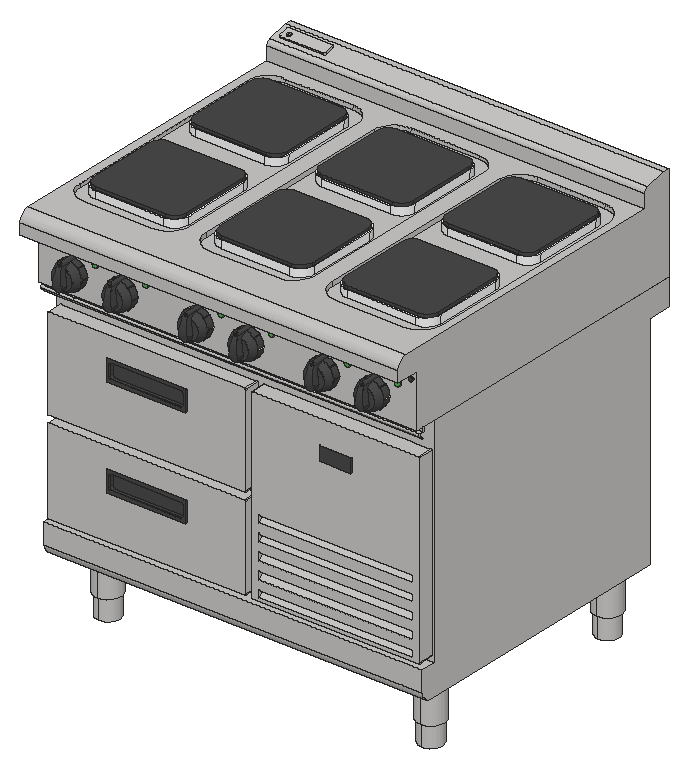
Revit family "QF_Moffat_RNL8600SE-RB_Electrical_Cooktop_Sealed_Hobs_cat", category Specialty Equipment, Revit 2019 (continued)
Definition of nested family "QF_LOGO_Waldorf"
  Lines and regions (mm)
    Split face 1
      outline origin (0, -26.629, 22.888) x (1, 0, 0) y (0, 0.965926, 0.258819)
        loop
          spline (22.129, 16.975) -> (22.389, 15.984) -> (22.649, 15.002) -> (22.91, 14.028) -> (23.172, 13.065) -> (23.433, 12.11) -> (23.695, 11.166) -> (23.956, 10.232) -> (24.218, 9.308) -> (24.479, 8.396) -> (24.74, 7.495) -> (25, 6.605) -> (25.26, 5.728)
          line (25.26, 5.728) -> (29.463, 5.728)
          spline (29.463, 5.728) -> (29.582, 6.252) -> (29.701, 6.78) -> (29.82, 7.313) -> (29.939, 7.85) -> (30.058, 8.391) -> (30.178, 8.936) -> (30.297, 9.485) -> (30.416, 10.038) -> (30.536, 10.594) -> (30.655, 11.155) -> (30.775, 11.719) -> (30.894, 12.287)
          spline (30.894, 12.287) -> (31.018, 11.719) -> (31.142, 11.155) -> (31.266, 10.594) -> (31.39, 10.038) -> (31.514, 9.485) -> (31.638, 8.936) -> (31.762, 8.391) -> (31.885, 7.85) -> (32.009, 7.313) -> (32.133, 6.78) -> (32.256, 6.252) -> (32.379, 5.728)
          line (32.379, 5.728) -> (36.51, 5.728)
          spline (36.51, 5.728) -> (36.766, 6.605) -> (37.023, 7.495) -> (37.28, 8.396) -> (37.538, 9.308) -> (37.795, 10.232) -> (38.053, 11.166) -> (38.311, 12.11) -> (38.569, 13.065) -> (38.826, 14.028) -> (39.083, 15.002) -> (39.34, 15.984) -> (39.597, 16.975)
          line (39.597, 16.975) -> (35.637, 16.975)
          spline (35.637, 16.975) -> (35.523, 16.334) -> (35.41, 15.697) -> (35.296, 15.063) -> (35.182, 14.433) -> (35.068, 13.807) -> (34.954, 13.185) -> (34.84, 12.566) -> (34.726, 11.952) -> (34.612, 11.342) -> (34.497, 10.737) -> (34.383, 10.135) -> (34.269, 9.538)
          spline (34.269, 9.538) -> (34.138, 10.135) -> (34.008, 10.737) -> (33.877, 11.342) -> (33.746, 11.952) -> (33.616, 12.566) -> (33.485, 13.185) -> (33.354, 13.807) -> (33.224, 14.433) -> (33.093, 15.063) -> (32.963, 15.697) -> (32.833, 16.334) -> (32.703, 16.975)
          line (32.703, 16.975) -> (29.247, 16.975)
          spline (29.247, 16.975) -> (29.111, 16.334) -> (28.974, 15.697) -> (28.837, 15.063) -> (28.7, 14.433) -> (28.562, 13.807) -> (28.425, 13.185) -> (28.288, 12.566) -> (28.15, 11.952) -> (28.013, 11.342) -> (27.875, 10.737) -> (27.738, 10.135) -> (27.6, 9.538)
          spline (27.6, 9.538) -> (27.483, 10.135) -> (27.366, 10.737) -> (27.249, 11.342) -> (27.132, 11.952) -> (27.015, 12.566) -> (26.897, 13.185) -> (26.78, 13.807) -> (26.663, 14.433) -> (26.546, 15.063) -> (26.43, 15.697) -> (26.313, 16.334) -> (26.196, 16.975)
          line (26.196, 16.975) -> (22.129, 16.975)
    Split face 2
      outline origin (0, -26.629, 22.888) x (1, 0, 0) y (0, 0.965926, 0.258819)
        loop
          line (51.449, 5.728) -> (51.035, 6.606) -> (51.035, 11.169)
          spline (51.035, 11.169) -> (50.686, 12.42) -> (50.176, 13.224) -> (49.51, 13.708) -> (48.693, 13.995) -> (47.747, 14.152) -> (46.698, 14.207) -> (45.579, 14.186) -> (44.419, 14.114) -> (43.279, 13.929) -> (42.249, 13.481) -> (41.424, 12.614) -> (40.897, 11.169)
          line (40.897, 11.169) -> (44.617, 11.169) -> (44.988, 11.965)
          spline (44.988, 11.965) -> (47.294, 11.682) -> (46.856, 10.932) -> (45.527, 10.609) -> (43.858, 10.439) -> (42.259, 10.123) -> (41.078, 9.417) -> (40.563, 8.246) -> (40.689, 6.989) -> (41.407, 6.052) -> (42.774, 5.536) -> (44.847, 5.497) -> (47.306, 6.602)
          line (47.306, 6.602) -> (47.624, 5.728) -> (51.449, 5.728)
    Split face 3
      outline origin (0, -26.629, 22.888) x (1, 0, 0) y (0, 0.965926, 0.258819)
        loop
          line (47.264, 9.264) -> (44.938, 8.597)
          spline (44.938, 8.597) -> (44.508, 8.228) -> (44.402, 7.9) -> (44.548, 7.626) -> (44.877, 7.42) -> (45.317, 7.295) -> (45.797, 7.265) -> (46.252, 7.342) -> (46.65, 7.525) -> (46.971, 7.813) -> (47.194, 8.201) -> (47.298, 8.685) -> (47.264, 9.264)
    Split face 4
      outline origin (0, -26.629, 22.888) x (1, 0, 0) y (0, 0.965926, 0.258819)
        loop
          line (53.33, 16.975) -> (53.33, 5.728) -> (57.173, 5.728) -> (57.173, 16.975) -> (53.33, 16.975)
    Split face 5
      outline origin (0, -26.629, 22.888) x (1, 0, 0) y (0, 0.965926, 0.258819)
        loop
          line (65.795, 16.975) -> (65.795, 12.976)
          spline (65.795, 12.976) -> (63.839, 14.082) -> (62.087, 14.096) -> (60.633, 13.343) -> (59.574, 12.148) -> (58.99, 10.806) -> (58.867, 9.452) -> (59.156, 8.159) -> (59.81, 7) -> (60.786, 6.056) -> (62.111, 5.514) -> (63.868, 5.634) -> (66.137, 6.679)
          line (66.137, 6.679) -> (66.137, 5.728) -> (69.511, 5.728) -> (69.511, 16.975) -> (65.795, 16.975)
    Split face 6
      outline origin (0, -26.629, 22.888) x (1, 0, 0) y (0, 0.965926, 0.258819)
        loop
          spline (64.273, 7.499) -> (64.754, 7.57) -> (65.202, 7.777) -> (65.587, 8.106) -> (65.882, 8.535) -> (66.067, 9.034) -> (66.131, 9.57) -> (66.067, 10.106) -> (65.882, 10.605) -> (65.587, 11.034) -> (65.202, 11.363) -> (64.754, 11.57) -> (64.273, 11.64)
          spline (64.273, 11.64) -> (63.793, 11.57) -> (63.345, 11.363) -> (62.96, 11.034) -> (62.665, 10.605) -> (62.479, 10.106) -> (62.416, 9.57) -> (62.479, 9.034) -> (62.665, 8.535) -> (62.96, 8.106) -> (63.345, 7.777) -> (63.793, 7.57) -> (64.273, 7.499)
    Split face 7
      outline origin (0, -26.629, 22.888) x (1, 0, 0) y (0, 0.965926, 0.258819)
        loop
          spline (76.449, 5.305) -> (77.855, 5.457) -> (79.166, 5.901) -> (80.291, 6.607) -> (81.155, 7.527) -> (81.698, 8.599) -> (81.883, 9.749) -> (81.698, 10.899) -> (81.155, 11.97) -> (80.291, 12.891) -> (79.166, 13.597) -> (77.855, 14.041) -> (76.449, 14.192)
          spline (76.449, 14.192) -> (75.042, 14.041) -> (73.731, 13.597) -> (72.606, 12.891) -> (71.742, 11.97) -> (71.199, 10.899) -> (71.014, 9.749) -> (71.199, 8.599) -> (71.742, 7.527) -> (72.606, 6.607) -> (73.731, 5.901) -> (75.042, 5.457) -> (76.449, 5.305)
    Split face 8
      outline origin (0, -26.629, 22.888) x (1, 0, 0) y (0, 0.965926, 0.258819)
        loop
          spline (76.449, 7.654) -> (76.841, 7.725) -> (77.206, 7.934) -> (77.52, 8.267) -> (77.76, 8.701) -> (77.912, 9.206) -> (77.963, 9.749) -> (77.912, 10.291) -> (77.76, 10.796) -> (77.52, 11.23) -> (77.206, 11.563) -> (76.841, 11.772) -> (76.449, 11.843)
          spline (76.449, 11.843) -> (76.057, 11.772) -> (75.691, 11.563) -> (75.378, 11.23) -> (75.137, 10.796) -> (74.986, 10.291) -> (74.934, 9.749) -> (74.986, 9.206) -> (75.137, 8.701) -> (75.378, 8.267) -> (75.691, 7.934) -> (76.057, 7.725) -> (76.449, 7.654)
    Split face 9
      outline origin (0, -26.629, 22.888) x (1, 0, 0) y (0, 0.965926, 0.258819)
        loop
          line (86.998, 12.335) -> (86.998, 13.879) -> (83.479, 13.879) -> (83.479, 5.728) -> (87.312, 5.728) -> (87.312, 8.975)
          spline (87.312, 8.975) -> (87.364, 9.356) -> (87.458, 9.686) -> (87.594, 9.968) -> (87.769, 10.204) -> (87.982, 10.398) -> (88.229, 10.55) -> (88.509, 10.666) -> (88.82, 10.746) -> (89.16, 10.794) -> (89.525, 10.812) -> (89.915, 10.803) -> (90.327, 10.77)
          line (90.327, 10.77) -> (90.327, 14.113)
          spline (90.327, 14.113) -> (89.929, 14.127) -> (89.552, 14.111) -> (89.197, 14.066) -> (88.865, 13.991) -> (88.554, 13.887) -> (88.266, 13.754) -> (87.999, 13.591) -> (87.755, 13.399) -> (87.532, 13.177) -> (87.332, 12.926) -> (87.154, 12.645) -> (86.998, 12.335)
    Split face 10
      outline origin (0, -26.629, 22.888) x (1, 0, 0) y (0, 0.965926, 0.258819)
        loop
          line (92.082, 13.879) -> (90.894, 13.879) -> (90.894, 11.972) -> (92.082, 11.972) -> (92.082, 5.728) -> (95.871, 5.728) -> (95.871, 11.972) -> (97.5, 11.972) -> (97.5, 13.879) -> (95.871, 13.879)
          spline (95.871, 13.879) -> (95.843, 14.088) -> (95.845, 14.278) -> (95.877, 14.447) -> (95.939, 14.596) -> (96.03, 14.726) -> (96.151, 14.835) -> (96.301, 14.925) -> (96.482, 14.995) -> (96.692, 15.045) -> (96.931, 15.075) -> (97.201, 15.085) -> (97.5, 15.076)
          line (97.5, 15.076) -> (97.5, 17.266) -> (95.367, 17.266)
          spline (95.367, 17.266) -> (94.982, 17.253) -> (94.58, 17.21) -> (94.174, 17.132) -> (93.774, 17.013) -> (93.39, 16.846) -> (93.034, 16.627) -> (92.717, 16.349) -> (92.448, 16.007) -> (92.24, 15.595) -> (92.102, 15.106) -> (92.046, 14.537) -> (92.082, 13.879)
  Dimensions and locks
    equal spacing: plane 3 "LEFT", plane 7 "Center Y", plane 4 "RIGHT"
    "Length": plane 3 "LEFT" to plane 4 "RIGHT"
    equal spacing: plane 5 "FRONT", plane 8 "Center X", plane 1 "BACK"
    "Depth": plane 5 "FRONT" to plane 1 "BACK"
    "Height": plane 6 "TOP" to level
    plane 4 "RIGHT" to plane 3 "LEFT" = 138 mm
    aligned and locked: level to plane 2
  Automatic sketch dimensions
    Extrusion 1 sketch curve to plane 3 "LEFT" = 0 mm
    plane 3 "LEFT" to Extrusion 1 sketch curve = 4 mm  (x2)
    Extrusion 1 sketch curve to Extrusion 1 sketch curve = 10.75 mm
    Extrusion 1 sketch curve to Extrusion 1 sketch curve = 0.5 mm
    plane 4 "RIGHT" to Extrusion 1 sketch curve = 33 mm
    Extrusion 1 sketch curve to Extrusion 1 sketch curve = 0 mm  (x3)
    Extrusion 1 sketch curve to Extrusion 1 sketch curve = 4 mm
    Extrusion 1 sketch curve to Extrusion 1 sketch curve = 3.464 mm  (x3)
    Extrusion 1 sketch curve to Extrusion 1 sketch curve = 3.541 mm
    Extrusion 1 sketch curve to Extrusion 1 sketch curve = 4.325 mm
    Extrusion 1 sketch curve to Extrusion 1 sketch curve = 19.783 mm
    Extrusion 1 sketch curve to Extrusion 1 sketch curve = 7.592 mm
    plane 3 "LEFT" to Extrusion 2 sketch curve = 15.25 mm
    Extrusion 2 sketch curve to Extrusion 2 sketch curve = 4.325 mm
    plane 3 "LEFT" to Extrusion 3 sketch curve = 14.75 mm
    Extrusion 3 sketch curve to Extrusion 3 sketch curve = 4.325 mm
    Extrusion 1 to Split face 1 sketch curve = 6.879 mm
    Split face 1 sketch curve to Extrusion 1 = 5.728 mm
    Split face 1 sketch curve to Split face 1 sketch curve = 3.132 mm
    Split face 1 sketch curve to Split face 1 sketch curve = 4.068 mm
    Split face 1 sketch curve to Split face 1 sketch curve = 3.051 mm
    Split face 1 sketch curve to Split face 1 sketch curve = 4.203 mm
    Split face 1 sketch curve to Split face 1 sketch curve = 2.916 mm
    Split face 1 sketch curve to Split face 1 sketch curve = 3.456 mm
    Split face 1 sketch curve to Split face 1 sketch curve = 2.934 mm
    Split face 1 sketch curve to Split face 1 sketch curve = 4.131 mm
    Split face 1 sketch curve to Split face 1 sketch curve = 3.96 mm
    Split face 1 sketch curve to Split face 1 sketch curve = 0 mm  (x2)
    Split face 1 sketch curve to Extrusion 1 = 9.736 mm  (x2)
    Extrusion 1 to Split face 1 sketch curve = 6.337 mm
    Extrusion 1 to Split face 1 sketch curve = 6.231 mm
    Extrusion 1 to Split face 1 sketch curve = 3.184 mm
    Extrusion 1 to Split face 1 sketch curve = 13.135 mm
    Split face 1 sketch curve to Split face 1 sketch curve = 4.652 mm
    Split face 1 sketch curve to Split face 1 sketch curve = 3.593 mm
    Split face 1 sketch curve to Split face 1 sketch curve = 1.863 mm
    Split face 1 sketch curve to Split face 1 sketch curve = 0.713 mm
    Split face 1 sketch curve to Split face 1 sketch curve = 2.684 mm
    Split face 1 sketch curve to Split face 1 sketch curve = 3.294 mm
    Split face 1 sketch curve to Split face 1 sketch curve = 0.459 mm
    Split face 1 sketch curve to Split face 1 sketch curve = 2.775 mm
    Split face 1 sketch curve to Split face 1 sketch curve = 1.89 mm
    Split face 1 sketch curve to Split face 1 sketch curve = 0.685 mm
    Split face 1 sketch curve to Split face 1 sketch curve = 9.486 mm
    Split face 1 sketch curve to Split face 1 sketch curve = 16.213 mm
    Split face 1 sketch curve to Split face 1 sketch curve = 3.48 mm
    Split face 1 sketch curve to Split face 1 sketch curve = 4.918 mm
    Split face 1 sketch curve to Split face 1 sketch curve = 7.609 mm
    Split face 1 sketch curve to Split face 1 sketch curve = 0.01 mm  (x2)
    Split face 1 sketch curve to Split face 1 sketch curve = 0.002 mm
    Split face 2 sketch curve to Extrusion 1 = 11.169 mm
    Extrusion 1 to Split face 2 sketch curve = 25.647 mm
    Split face 2 sketch curve to Split face 2 sketch curve = 3.72 mm
    Split face 2 sketch curve to Extrusion 1 = 11.965 mm
    Split face 2 sketch curve to Split face 2 sketch curve = 0.371 mm
    Split face 2 sketch curve to Extrusion 1 = 6.602 mm
    Split face 2 sketch curve to Split face 2 sketch curve = 2.689 mm
    Split face 2 sketch curve to Split face 2 sketch curve = 0.318 mm
    Split face 2 sketch curve to Split face 2 sketch curve = 3.729 mm
    Split face 2 sketch curve to Split face 2 sketch curve = 0.414 mm
    Split face 2 sketch curve to Split face 2 sketch curve = 0.875 mm
    Split face 2 sketch curve to Split face 2 sketch curve = 0.878 mm
    Split face 3 sketch curve to Extrusion 1 = 8.597 mm
    Extrusion 1 to Split face 3 sketch curve = 29.688 mm
    Split face 3 sketch curve to Extrusion 1 = 9.264 mm
    Split face 3 sketch curve to Split face 3 sketch curve = 2.326 mm
    Split face 4 sketch curve to Extrusion 1 = 5.728 mm
    Extrusion 1 to Split face 4 sketch curve = 38.08 mm
    Split face 4 sketch curve to Split face 4 sketch curve = 3.843 mm
    Split face 4 sketch curve to Extrusion 1 = 9.736 mm
    Split face 5 sketch curve to Extrusion 1 = 9.736 mm
    Split face 5 sketch curve to Extrusion 1 = 43.205 mm
    Split face 5 sketch curve to Extrusion 1 = 6.679 mm
    Split face 5 sketch curve to Split face 5 sketch curve = 0.342 mm
    Split face 5 sketch curve to Split face 5 sketch curve = 3.375 mm
    Split face 5 sketch curve to Split face 5 sketch curve = 0.952 mm
    Split face 5 sketch curve to Split face 5 sketch curve = 3.998 mm
    Split face 6 sketch curve to Extrusion 1 = 7.499 mm
    Split face 6 sketch curve to Extrusion 1 = 44.727 mm
    Split face 6 sketch curve to Split face 6 sketch curve = 2.07 mm
    Split face 7 sketch curve to Extrusion 1 = 5.305 mm
    Split face 7 sketch curve to Extrusion 1 = 32.551 mm
    Split face 7 sketch curve to Split face 7 sketch curve = 4.443 mm
    Split face 8 sketch curve to Extrusion 1 = 7.654 mm
    Split face 8 sketch curve to Extrusion 1 = 32.551 mm
    Split face 8 sketch curve to Split face 8 sketch curve = 2.095 mm
    Split face 9 sketch curve to Extrusion 1 = 5.728 mm
    Split face 9 sketch curve to Extrusion 1 = 25.521 mm
    Split face 9 sketch curve to Split face 9 sketch curve = 3.519 mm
    Split face 9 sketch curve to Split face 9 sketch curve = 0.315 mm
    Split face 9 sketch curve to Split face 9 sketch curve = 3.33 mm
    Split face 9 sketch curve to Split face 9 sketch curve = 3.248 mm
    Split face 9 sketch curve to Split face 9 sketch curve = 1.795 mm
    Split face 9 sketch curve to Split face 9 sketch curve = 3.36 mm
    Split face 9 sketch curve to Split face 9 sketch curve = 1.545 mm
    Split face 9 sketch curve to Split face 9 sketch curve = 0.233 mm
    Split face 10 sketch curve to Extrusion 1 = 18.106 mm
    Split face 10 sketch curve to Split face 10 sketch curve = 1.188 mm  (x2)
    Split face 10 sketch curve to Split face 10 sketch curve = 3.285 mm
    Split face 10 sketch curve to Split face 10 sketch curve = 3.789 mm
    Split face 10 sketch curve to Split face 10 sketch curve = 0 mm  (x2)
    Split face 10 sketch curve to Split face 10 sketch curve = 1.629 mm
    Split face 10 sketch curve to Split face 10 sketch curve = 2.133 mm
    Split face 10 sketch curve to Extrusion 1 = 5.728 mm
    Split face 10 sketch curve to Split face 10 sketch curve = 6.245 mm
    Split face 10 sketch curve to Split face 10 sketch curve = 1.907 mm  (x2)
    Split face 10 sketch curve to Split face 10 sketch curve = 1.197 mm
    Split face 10 sketch curve to Split face 10 sketch curve = 2.19 mm
